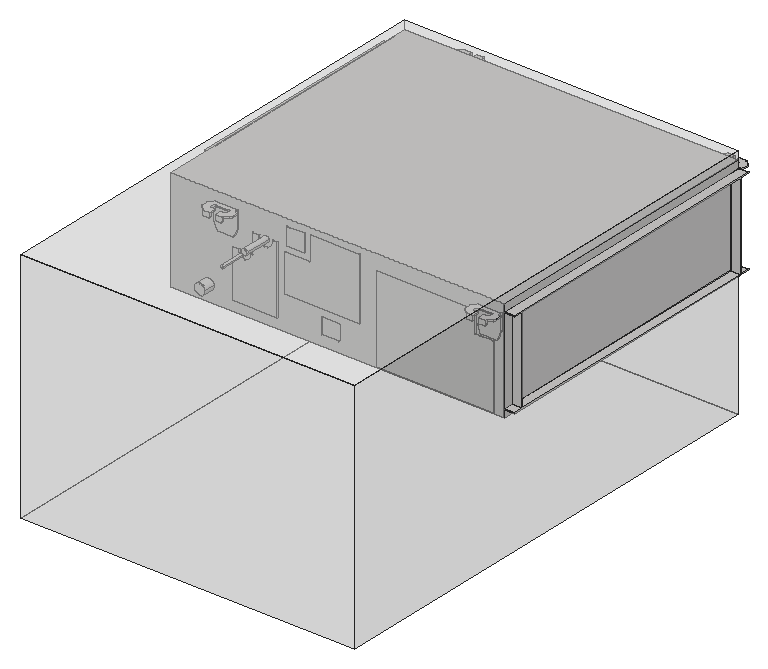
Revit family "outputfile", category 機械設備, Revit 2024
Family settings
  丸型コネクタ寸法 = 半径を使用
  パーツ タイプ = 標準
  OmniClass 番号 = 23.75.10.24.21.27.27
  OmniClass タイトル = Split System Air Conditioning Units
  作業面ベース = いいえ
  常に垂直 = はい
  ロード時にボイドで切り取り = いいえ
  注釈の向きを維持 = いいえ
  共有 = いいえ
  部屋計算ポイント = はい
Parameters (values of type "FBFC60DVM4")
  Description = ""
  製造元 = "Daikin"
  書き出し IFC クラス(タイプ) = "IfcUnitaryEquipmentType"
  定義済み IFC タイプ(タイプ) = "AIRCONDITIONINGUNIT"
  Cost = 0
  モデル = "FBFC60DVM4"
  Type Comments = ""
  Keynote = ""
  Type Image = (empty or 0)
  Assembly Code = ""
  switch_frequency = yes
  r_Liquid Pipe Size = Liquid Pipe Size / 2  # 3.2 mm
  r_Gas Pipe Size = Gas Pipe Size / 2  # 6.35 mm
  r_Drain Pipe Size = Drain Pipe Size / 2  # 12.5 mm
  lw_power = 770.0 mm  # constant formula
  lh_SA = 138.0 mm  # constant formula
  lw_SA = if(Depth = 550.0 mm, 225.0 mm, if(Depth = 700.0 mm, 300.0 mm, if(Depth = 1000.0 mm, 450.0 mm, if(Depth = 1400.0 mm, 650.0 mm, 725.0 mm))))  # 300.0 mm
  lw_RA = if(Depth = 550.0 mm, 275.0 mm, if(Depth = 700.0 mm, 349.0 mm, if(Depth = 1000.0 mm, 499.0 mm, if(Depth = 1400.0 mm, 699.0 mm, 775.0 mm))))  # 349.0 mm
  lh_power = 60.0 mm + [h***]  # 60.0 mm
  lh_mountinghole1 = lh_mountinghole + [h***]  # 222.0 mm
  lh_RA = 123.0 mm  # constant formula
  ld_power = Depth / 2  # 350.0 mm
  connector_voltage = Voltage_50Hz  # 230 V
  connector_powerinput = [Power Input (Cooling)]  # 0.000 kW
  connector_phase = Phase_50Hz  # 1
  Voltage_comment_50Hz = "220 - 240"
  Voltage_50Hz = 230 V
  URL = ""
  Supply Air Direction [instance] = yes
  Sound Power Level_H speed (dB) = 0
  Phase_50Hz = 1
  Minimum External Static Pressure = 30.00 Pa
  Minimum Circuit Amps_50Hz = 0.0 A
  Maximum Fuse Amps_50Hz = 0.0 A
  Maximum External Static Pressure = 130.00 Pa
  Material_Casing = DAIKIN_GalvanizedSteel_Casing_indoorunit
  lw_mountinghole = 630.0 mm  # constant formula
  lh_gaspipe = 183.0 mm + [h***]  # 183.0 mm
  lh_mountinghole = 222.0 mm  # constant formula
  lh_liquidpipe = 136.0 mm + [h***]  # 136.0 mm
  lh_drainpipe = 38.0 mm + [h***]  # 38.0 mm
  lh_antena = Height - lh_mountinghole + 1.0 mm  # 24.0 mm
  ld_drainpipe = Depth / 2 + 26.0 mm  # 376.0 mm
  ld_liquidpipe = Depth / 2 + 69.0 mm  # 419.0 mm
  ld_gaspipe = Depth / 2 + 65.0 mm  # 415.0 mm
  ld_mountinghole = Depth + 38.0 mm  # 738.0 mm
  h*** = 0.0 mm  # constant formula
  lw_liquidpipe = 179.0 mm  # constant formula
  lw_gaspipe = 229.0 mm  # constant formula
  lw_drainpipe = 91.0 mm  # constant formula
  Width = 800.0 mm
  Version = "ver.1.0"
  Unit Type = "M.S.P. Duct"
  Unit Mass Weight = 26.00 kg
  Unit Designation [instance] = ""
  Uniclass2015Version = "Products v1.30"
  Uniclass2015Title = "Split coil room air conditioning units"
  Uniclass2015Code = "Pr_70_65_03_86"
  Total Cooling Capacity [instance] = 0.000 kW
  Sound Pressure Level_M speed (dBA) = 35
  Sound Pressure Level_L speed (dBA) = 30
  Sound Pressure Level_H speed (dBA) = 37
  Series = "SkyAir_Fan Coil Unit"
  Sensible Cooling Capacity [instance] = 0.000 kW
  SA Duct Size Width = 492.0 mm
  SA Duct Size Height = 176.0 mm
  Refrigerant Type = "R32"
  RA Duct Size Width = 654.0 mm
  RA Duct Size Height = 208.0 mm
  Power Input (Cooling) = 0.000 kW
  Option Accessory 3 [instance] = ""
  Option Accessory 2 [instance] = ""
  Option Accessory 1 [instance] = ""
  Nominal Cooling Capacity = 6.000 kW
  Minimum Airflow = 540.00 m³/h
  Median Airflow = 720.00 m³/h
  Maximum Airflow = 930.00 m³/h
  Load Classification = HVAC
  Liquid Pipe Size = 6.4 mm
  Link_Nested Family [instance] = ""
  IfcVersion = ""
  IfcExportType = "AIRCONDITIONINGUNIT"
  IfcExportAs = "IfcUnitaryEquipmentType"
  Height = 245.0 mm
  Heat Exchanger Type = "Cross Fin Coil"
  Gas Pipe Size = 12.7 mm
  Frequency_50Hz = 50 Hz
  Fan Type = "Sirocco Fan"
  Fan Drive = "Direct Drive"
  FCU Tag No. [instance] = ""
  Drain Pipe Size = 25.0 mm
  Design Supply Airflow [instance] = 0.00 m³/h
  Design Return Airflow [instance] = 0.00 m³/h
  Design External Static Pressure [instance] = 0.00 Pa
  Depth = 700.0 mm
  既定の高さ = 0.0 mm
  Cooling Entering Wet Bulb Temperature [instance] = 0.00 °C
  Cooling Entering Dry Bulb Temperature [instance] = 0.00 °C
  Cooling Ambient Wet Bulb Temperature [instance] = 0.00 °C
  Cooling Ambient Dry Bulb Temperature [instance] = 0.00 °C
  Clearance visibility [instance] = yes
  Clearance Top = 20.0 mm
  Clearance Right = 0.0 mm
  Clearance Rear = 0.0 mm
  Clearance Left = 0.0 mm
  Clearance Front = 450.0 mm
  Clearance Bottom = 300.0 mm
Reference planes
  plane 1 "Center (Front/Back)": y = 0
  plane 2 "h": z = 0
  plane 3 "Center (Left/Right)": x = 0
  plane 4 "Back": y = 350
  plane 5 "Front": y = -350
  plane 6 "Left": x = -400
  plane 7 "Right": x = 400
  plane 8 "Top": z = 0
  plane 9 "Bottom": z = -245
  plane 10: y = -215
  plane 11: y = 350
  plane 12: y = -800
  plane 13: x = -400
  plane 14: x = 400
  plane 15: z = 20
  plane 16: z = -545
  plane 17: x = -400
  plane 18: x = -399
  plane 19: x = 399
  plane 20: y = 50
  plane 21: y = -1
  plane 22: z = -122
  plane 23: y = -351
  plane 24: z = -109
  plane 25: x = -221
  plane 26: y = -415
  plane 27: z = -62
  plane 28: x = -171
  plane 29: y = -376
  plane 30: z = -207
  plane 31: x = -309
  plane 32: x = -309
  plane 33: x = -221
  plane 34: x = -171
  plane 35: x = 370
  plane 36: x = -266
  plane 37: x = 364
  plane 38: y = -369
  plane 39: y = 369
  plane 40: z = -23
  plane 41: z = -107
  plane 42: y = -419
  plane 43: y = -376
  plane 44: x = -251
  plane 45: x = -203
  plane 46: x = -144
  plane 47: z = -59
  plane 48: z = -106
  plane 49: z = -221
  plane 50: z = -109
  plane 51: x = -221
  plane 52: z = -62
  plane 53: x = -171
  plane 54: z = -17
  plane 55: z = -59
  plane 56: x = -121
  plane 57: x = -79
  plane 58: x = -125
  plane 59: x = -64
  plane 60: x = 53
  plane 61: z = -164
  plane 62: z = -73
  plane 63: z = -16
  plane 64: x = 93.5
  plane 65: x = 374.5
  plane 66: x = 330
  plane 67: z = -88.5
  plane 68: z = -38
  plane 69: z = -242.5
  plane 70: x = -38.5
  plane 71: x = 6.5
  plane 72: z = -181
  plane 73: z = -221
  plane 74: y = -349
  plane 75: x = -424
  plane 76: x = 424
Forms (mm)
  Extrusion 1, solid, material "DAIKIN_GalvanizedSteel_Casing_indoorunit" <- "Material_Casing"
    sketch origin (0, 0, 0) x (1, 0, 0) y (0, 1, 0)
      loop
        line (-399, 350) -> (-399, -350) -> (399, -350) -> (399, 350) -> (-399, 350)
    from -245 to 0
  Extrusion 2, solid, material "DAIKIN_GalvanizedSteel_Casing_indoorunit" <- "Material_Casing"
    sketch origin (0, 0, 0) x (1, 0, 0) y (0, 0, 1)
      loop
        line (-251, -221) -> (-144, -221) -> (-144, -59) -> (-154.47, -59)
        arc (-154.47, -59) -> (-171, -78.8) -> (-187.53, -59) r 16.8
        line (-187.53, -59) -> (-203, -59) -> (-203, -106) -> (-206.916, -106)
        arc (-206.916, -106) -> (-221, -123.4) -> (-235.084, -106) r 14.4
        line (-235.084, -106) -> (-251, -106) -> (-251, -221)
    from 350 to 351
  Extrusion 3, solid, material "DAIKIN_GalvanizedSteel_Casing_indoorunit" <- "Material_Casing"
    sketch origin (0, 0, 0) x (1, 0, 0) y (0, 0, 1)
      loop
        line (-121, -17) -> (-121, -59) -> (-79, -59) -> (-79, -17) -> (-121, -17)
      loop
        line (-125, -73) -> (-125, -164) -> (53, -164) -> (53, -16) -> (-64, -16) -> (-64, -73) -> (-125, -73)
    from 350 to 351
  Extrusion 4, solid, material "DAIKIN_GalvanizedSteel_Casing_indoorunit" <- "Material_Casing"
    sketch origin (0, 0, 0) x (1, 0, 0) y (0, 0, 1)
      loop
        line (93.5, -38) -> (93.5, -242.5) -> (374.5, -242.5) -> (374.5, -88.5) -> (330, -88.5) -> (330, -38) -> (93.5, -38)
    from 350 to 351
  Extrusion 5, solid, material "DAIKIN_GalvanizedSteel_Casing_indoorunit" <- "Material_Casing"
    sketch origin (0, 0, 0) x (1, 0, 0) y (0, 0, 1)
      loop
        circle (-221, -109) r 3.2
    from 350 to 419
  Extrusion 6, solid, material "DAIKIN_GalvanizedSteel_Casing_indoorunit" <- "Material_Casing"
    sketch origin (0, 0, 0) x (1, 0, 0) y (0, 0, 1)
      loop
        circle (-171, -62) r 6.35
    from 350 to 415
  Extrusion 7, solid, material "DAIKIN_GalvanizedSteel_Casing_indoorunit" <- "Material_Casing"
    sketch origin (0, 0, 0) x (1, 0, 0) y (0, 0, 1)
      loop
        circle (-309, -207) r 12.5
    from 350 to 376
  Extrusion 8, void
    sketch origin (0, 0, 0) x (1, 0, 0) y (0, 0, 1)
      loop
        line (-38.5, -181) -> (-38.5, -221) -> (6.5, -221) -> (6.5, -181) -> (-38.5, -181)
    from 349 to 350
Cuts and joins
  Extrusion 8 cuts Extrusion 1
Dimensions and locks
  "Height": plane 8 "Top" to plane 9 "Bottom"
  equal spacing: plane 4 "Back", plane 1 "Center (Front/Back)", plane 5 "Front"
  "Depth": plane 4 "Back" to plane 5 "Front"
  equal spacing: plane 6 "Left", plane 3 "Center (Left/Right)", plane 7 "Right"
  "Width": plane 6 "Left" to plane 7 "Right"
  "Clearance Left": plane 13 to plane 6 "Left"
  "Clearance Right": plane 7 "Right" to plane 14
  "Clearance Rear": plane 11 to plane 4 "Back"
  "Clearance Front": plane 5 "Front" to plane 12
  "Clearance Top": plane 15 to plane 8 "Top"
  "Clearance Bottom": plane 9 "Bottom" to plane 16
  locked: plane 17 to plane 18 at 1
  locked: plane 19 to plane 14 at 1
  "lw_SA": plane 11 to plane 20
  "lw_RA": plane 21 to plane 5 "Front"
  "lh_RA": plane 22 to plane 9 "Bottom"
  locked: plane 5 "Front" to plane 23 at 1
  "lw_liquidpipe": plane 25 to plane 6 "Left"
  "lh_liquidpipe": plane 24 to plane 9 "Bottom"
  "lh_gaspipe": plane 27 to plane 9 "Bottom"
  "lw_gaspipe": plane 28 to plane 6 "Left"
  "ld_gaspipe": plane 26 to plane 1 "Center (Front/Back)"
  "ld_drainpipe": plane 29 to plane 1 "Center (Front/Back)"
  "lh_drainpipe": plane 30 to plane 9 "Bottom"
  "lw_drainpipe": plane 31 to plane 6 "Left"
  "lw_drainpipe": plane 6 "Left" to plane 32
  "lw_liquidpipe": plane 6 "Left" to plane 33
  "lw_gaspipe": plane 6 "Left" to plane 34
  "lw_power": plane 6 "Left" to plane 35
  locked: plane 17 to plane 36 at 134
  "lw_mountinghole": plane 36 to plane 37
  equal spacing: plane 38, plane 1 "Center (Front/Back)", plane 39
  "ld_mountinghole": plane 39 to plane 38
  "lh_mountinghole": plane 40 to plane 9 "Bottom"
  "lh_SA": plane 41 to plane 9 "Bottom"
  plane 46 to plane 45 to plane 44 to plane 6 "Left" = 59.0 mm, 48.0 mm, 149.0 mm
  plane 8 "Top" to plane 47 to plane 48 to plane 49 = 59.0 mm locked, 47.0 mm locked, 115.0 mm locked
  plane 53 to plane 51 to plane 6 "Left" = 50.0 mm locked, 179.0 mm locked
  plane 52 to plane 50 to plane 9 "Bottom" = 47.0 mm locked, 136.0 mm locked
  plane 57 to plane 56 to plane 6 "Left" = 42.0 mm locked, 279.0 mm locked
  plane 8 "Top" to plane 54 to plane 55 = 17.0 mm locked, 42.0 mm locked
  plane 60 to plane 59 to plane 58 to plane 6 "Left" = 117.0 mm, 61.0 mm, 275.0 mm
  plane 8 "Top" to plane 63 to plane 62 = 16.0 mm locked, 57.0 mm locked
  locked: plane 63 to plane 61 at 148
  plane 8 "Top" to plane 68 to plane 67 to plane 69 = 38.0 mm locked, 50.5 mm locked, 154.0 mm locked
  plane 65 to plane 66 to plane 64 to plane 6 "Left" = 44.5 mm locked, 236.5 mm locked, 493.5 mm locked
  plane 8 "Top" to plane 72 to plane 73 = 181.0 mm locked, 40.0 mm locked
  plane 71 to plane 70 to plane 6 "Left" = 45.0 mm, 361.5 mm
  locked: plane 74 to plane 5 "Front" at 1
  locked: plane 75 to plane 17 at 24
  locked: plane 14 to plane 76 at 24
  "ld_liquidpipe": plane 42 to plane 1 "Center (Front/Back)"
  "r_Liquid Pipe Size": radius of Extrusion 5 sketch curve
  "r_Gas Pipe Size": radius of Extrusion 6 sketch curve
  "r_Drain Pipe Size": radius of Extrusion 7 sketch curve
  aligned and locked: level to plane 2 "h"
  aligned and locked: plane 8 "Top" to Extrusion 1
  aligned and locked: Extrusion 1 to plane 9 "Bottom"
  aligned and locked: nested 5 to plane 12
  aligned and locked: plane 13 to nested 5
  aligned and locked: plane 14 to nested 5
  aligned and locked: nested 5 to plane 13
  aligned and locked: plane 11 to nested 5
  aligned and locked: plane 15 to nested 5
  aligned and locked: plane 16 to nested 5
  aligned and locked: plane 5 "Front" to Extrusion 1 sketch curve
  aligned and locked: Extrusion 1 to plane 18
  aligned and locked: plane 19 to Extrusion 1
  aligned and locked: nested 7 to plane 18
  aligned and locked: nested 7 to plane 20
  aligned and locked: plane 19 to nested 8
  aligned and locked: plane 21 to nested 8
  aligned and locked: plane 22 to nested 8
  aligned and locked: Extrusion 2 to plane 23
  aligned and locked: plane 5 "Front" to Extrusion 2
  aligned and locked: Extrusion 3 to plane 23
  aligned and locked: plane 5 "Front" to Extrusion 3
  aligned and locked: plane 5 "Front" to Extrusion 4
  aligned and locked: Extrusion 5 sketch curve to plane 25
  aligned and locked: plane 24 to Extrusion 5 sketch curve
  aligned and locked: plane 5 "Front" to Extrusion 5
  aligned and locked: Extrusion 6 sketch curve to plane 28
  aligned and locked: plane 27 to Extrusion 6 sketch curve
  aligned and locked: plane 5 "Front" to Extrusion 6
  aligned and locked: Extrusion 7 sketch curve to plane 31
  aligned and locked: plane 30 to Extrusion 7 sketch curve
  aligned and locked: Extrusion 7 to plane 29
  aligned and locked: nested 3 to plane 29
  aligned and locked: plane 32 to nested 3
  aligned and locked: nested 2 to plane 33
  aligned and locked: nested 1 to plane 34
  aligned and locked: Extrusion 6 to plane 26
  aligned and locked: nested 1 to plane 26
  aligned and locked: nested 6 to plane 5 "Front"
  aligned and locked: nested 6 to plane 35
  aligned and locked: plane 36 to nested 10
  aligned and locked: nested 10 to plane 5 "Front"
  aligned and locked: plane 37 to nested 9
  aligned and locked: nested 9 to plane 5 "Front"
  aligned and locked: nested 11 to plane 36
  aligned and locked: plane 4 "Back" to nested 11
  aligned and locked: nested 12 to plane 37
  aligned and locked: plane 4 "Back" to nested 12
  aligned and locked: plane 40 to nested 10
  aligned and locked: plane 40 to nested 11
  aligned and locked: plane 40 to nested 9
  aligned and locked: plane 40 to nested 12
  aligned and locked: plane 36 to nested 14
  aligned and locked: nested 14 to plane 39
  aligned and locked: plane 37 to nested 13
  aligned and locked: nested 13 to plane 39
  aligned and locked: plane 37 to nested 16
  aligned and locked: plane 38 to nested 16
  aligned and locked: plane 38 to nested 15
  aligned and locked: plane 36 to nested 15
  aligned and locked: plane 17 to plane 6 "Left"
  aligned and locked: plane 41 to nested 7
  aligned and locked: Extrusion 5 to plane 42
  aligned and locked: nested 2 to plane 42
  aligned and locked: Extrusion 3 sketch curve to plane 54
  aligned and locked: Extrusion 3 sketch curve to plane 56
  aligned and locked: plane 55 to Extrusion 3 sketch curve
  aligned and locked: plane 57 to Extrusion 3 sketch curve
  aligned and locked: Extrusion 4 to plane 23
  aligned and locked: Extrusion 8 sketch curve to plane 72
  aligned and locked: plane 73 to Extrusion 8 sketch curve
  aligned and locked: plane 71 to Extrusion 8 sketch curve
  aligned and locked: plane 5 "Front" to Extrusion 8
  aligned and locked: plane 74 to Extrusion 8
  aligned and locked: nested 17 to plane 20
  aligned and locked: nested 17 to plane 75
  aligned and locked: plane 21 to nested 18
  aligned and locked: plane 76 to nested 18
  aligned and locked: plane 41 to nested 17
  aligned and locked: nested 18 to plane 22
  aligned and locked: nested 4 to plane 3 "Center (Left/Right)"
  aligned and locked: plane 1 "Center (Front/Back)" to nested 4
  aligned and locked: level to plane 8 "Top"
  aligned and locked: plane 5 "Front" to Extrusion 7
Automatic sketch dimensions
  plane 6 "Left" to Extrusion 1 sketch curve = 1.0 mm
  Extrusion 1 sketch curve to plane 7 "Right" = 1.0 mm
  Extrusion 1 sketch curve to plane 4 "Back" = 0.0 mm
  Extrusion 2 sketch curve to plane 44 = 0.0 mm
  Extrusion 2 sketch curve to plane 33 = 0.0 mm
  Extrusion 2 sketch curve to plane 45 = 0.0 mm
  Extrusion 2 sketch curve to plane 34 = 0.0 mm
  Extrusion 2 sketch curve to plane 46 = 0.0 mm
  Extrusion 2 sketch curve to plane 49 = 0.0 mm
  Extrusion 2 sketch curve to plane 50 = 0.0 mm
  Extrusion 2 sketch curve to plane 48 = 0.0 mm  (x3)
  Extrusion 2 sketch curve to plane 52 = 0.0 mm
  Extrusion 2 sketch curve to plane 47 = 0.0 mm  (x3)
  plane 33 to Extrusion 2 sketch curve = 14.084 mm
  plane 34 to Extrusion 2 sketch curve = 16.53 mm
  Extrusion 3 sketch curve to plane 58 = 0.0 mm
  Extrusion 3 sketch curve to plane 59 = 0.0 mm
  Extrusion 3 sketch curve to plane 60 = 0.0 mm
  Extrusion 3 sketch curve to plane 61 = 0.0 mm
  Extrusion 3 sketch curve to plane 62 = 0.0 mm
  Extrusion 3 sketch curve to plane 63 = 0.0 mm
  Extrusion 4 sketch curve to plane 64 = 0.0 mm
  Extrusion 4 sketch curve to plane 66 = 0.0 mm
  Extrusion 4 sketch curve to plane 65 = 0.0 mm
  Extrusion 4 sketch curve to plane 69 = 0.0 mm
  Extrusion 4 sketch curve to plane 67 = 0.0 mm
  Extrusion 4 sketch curve to plane 68 = 0.0 mm
  Extrusion 8 sketch curve to plane 70 = 0.0 mm
Nested families
  nested 1: "daikin_connector_rotate2" at (-171, 0, -62), length <- "ld_gaspipe", built-in parameter 1001364 <- "lh_gaspipe", radius <- "r_Gas Pipe Size", type "daikin_connector_rotate2"
    with radius 6.35 mm, length 415.0 mm, angle_vertical 90.00°
  nested 2: "daikin_connector_rotate2" at (-221, 0, -109), length <- "ld_liquidpipe", built-in parameter 1001364 <- "lh_liquidpipe", radius <- "r_Liquid Pipe Size", type "daikin_connector_rotate2"
    with radius 3.2 mm, length 419.0 mm, angle_vertical 90.00°
  nested 3: "daikin_connector_rotate2" at (-309, 0, -207), length <- "ld_drainpipe", built-in parameter 1001364 <- "lh_drainpipe", radius <- "r_Drain Pipe Size", type "daikin_connector_rotate2"
    with radius 12.5 mm, length 376.0 mm, angle_vertical 90.00°
  nested 4: "daikin_△_symbolicline" at (0, 0, 245) x (0, -1, 0) z (0, 0, 1), built-in parameter 1001364 <- "Height", visible <- "Supply Air Direction", type "daikin_△_symbolicline"
    with length 200.0 mm
  nested 5: "daikin_clearancespace" at (0, -225, -262.381), visible <- "Clearance visibility", show <- "Clearance visibility", Link_Nested Family <- "Link_Nested Family", type "daikin_clearancespace"
    with width 800.0 mm, show yes, height 565.0 mm, depth 1150.0 mm, Link_Nested Family ""
  nested 6: "daikin_connector_rotate2" at (370, 0, -185), built-in parameter 1001364 <- "lh_power", length <- "ld_power", type "daikin_connector_rotate2"
    with radius 10.0 mm, length 350.0 mm, angle_vertical 90.00°
  nested 7: "daikin_ductflange_FBFC-DVM42" at (-399, 50, -107) x (0, -1, 0) z (0, 0, 1), type "daikin_ductflange_FBFC-DVM42"
    with width 492.0 mm, w 700.0 mm
  nested 8: "daikin_ductflange_FBFC-DVM4" at (399, -1, -122) x (0, 1, 0) z (0, 0, 1), type "daikin_ductflange_FBFC-DVM4"
  nested 9: "daikin_hangerfixture_FBFC-DVM4" at (364, -350, -23), type "daikin_hangerfixture_FBFC-DVM4"
  nested 10: "daikin_hangerfixture_FBFC-DVM4" at (-266, -350, -23), type "daikin_hangerfixture_FBFC-DVM4"
  nested 11: "daikin_hangerfixture_FBFC-DVM4" at (-266, 350, -23) x (-1, 0, 0) z (0, 0, 1), type "daikin_hangerfixture_FBFC-DVM4"
  nested 12: "daikin_hangerfixture_FBFC-DVM4" at (364, 350, -23) x (-1, 0, 0) z (0, 0, 1), type "daikin_hangerfixture_FBFC-DVM4"
  nested 13: "daikin_mountinghole" at (364, 369, -245), h_mountinghole <- "lh_mountinghole1", l_antenna <- "lh_antena", Link_Nested Family <- "Link_Nested Family", type "daikin_mountinghole"
    with show yes, l_antenna 24.0 mm, h_mountinghole 222.0 mm, Link_Nested Family ""
  nested 14: "daikin_mountinghole" at (-266, 369, -245), h_mountinghole <- "lh_mountinghole1", l_antenna <- "lh_antena", Link_Nested Family <- "Link_Nested Family", type "daikin_mountinghole"
    with show yes, l_antenna 24.0 mm, h_mountinghole 222.0 mm, Link_Nested Family ""
  nested 15: "daikin_mountinghole" at (-266, -369, -245), h_mountinghole <- "lh_mountinghole1", l_antenna <- "lh_antena", Link_Nested Family <- "Link_Nested Family", type "daikin_mountinghole"
    with show yes, l_antenna 24.0 mm, h_mountinghole 222.0 mm, Link_Nested Family ""
  nested 16: "daikin_mountinghole" at (364, -369, -245), h_mountinghole <- "lh_mountinghole1", l_antenna <- "lh_antena", Link_Nested Family <- "Link_Nested Family", type "daikin_mountinghole"
    with show yes, l_antenna 24.0 mm, h_mountinghole 222.0 mm, Link_Nested Family ""
  nested 17: "daikin_connector_rotate2" at (-400, 50, -107) x (0, -1, 0) z (0, 0, 1), type "daikin_connector_rotate2"
    with radius 10.0 mm, length 24.0 mm, angle_vertical 90.00°
  nested 18: "daikin_connector_rotate2" at (400, -1, -122) x (0, 1, 0) z (0, 0, 1), type "daikin_connector_rotate2"
    with radius 10.0 mm, length 24.0 mm, angle_vertical 90.00°
Connectors
  piping at (-309, -376, -207), diameter 25, driven by "r_Drain Pipe Size"
    settings: on nested 3, index 3, connector inside diameter 609.6 mm, connector length 0.0 mm, flow factor 0, pipe flow 0.00 m³/h, pressure drop 0.0 Pa, fitting loss kfactor 0, connector angle 0.00°, fixture units 0, engagement length 0.0 mm, angle of deflection 0.00°, flow configuration 1, flow direction 2, fitting loss method 4, system type 16, joint type 0, gender type 0, connector reference index -1, connector utility 0, adjustable connector no, is connector primary yes, connector description "Condensate Drain Piping"
  piping at (-171, -415, -62), diameter 12.7, driven by "r_Gas Pipe Size"
    settings: on nested 1, index 4, connector inside diameter 609.6 mm, connector length 0.0 mm, flow factor 0, pipe flow 0.00 m³/h, pressure drop 0.0 Pa, fitting loss kfactor 0, connector angle 0.00°, fixture units 0, engagement length 0.0 mm, angle of deflection 0.00°, flow configuration 1, flow direction 2, fitting loss method 0, system type 29, joint type 0, gender type 0, connector reference index -1, connector utility 0, adjustable connector no, is connector primary no, connector description "Refrigerant Gas Piping"
  piping at (-221, -419, -109), diameter 6.4, driven by "r_Liquid Pipe Size"
    settings: on nested 2, index 5, connector inside diameter 609.6 mm, connector length 0.0 mm, flow factor 0, pipe flow 0.00 m³/h, pressure drop 0.0 Pa, fitting loss kfactor 0, connector angle 0.00°, fixture units 0, engagement length 0.0 mm, angle of deflection 0.00°, flow configuration 1, flow direction 1, fitting loss method 0, system type 29, joint type 0, gender type 0, connector reference index -1, connector utility 0, adjustable connector no, is connector primary no, connector description "Refrigerant Liquid Piping"
  electrical at (370, -350, -185), driven by "Load Classification", driven by "connector_powerinput", driven by "connector_voltage", driven by "connector_phase"
    settings: on nested 6, index 6, voltage 230 V, apparent load 0 VA, apparent load phase1 0 VA, apparent load phase2 0 VA, apparent load phase3 0 VA, power factor 1, load classification "HVAC", number of poles 1, system type 30, power factor state 1, is connector primary yes, connector utility no, sub classification motor no, connector description "Power Supply"
  hvac at (-424, 50, -107), driven by "SA Duct Size Height", driven by "SA Duct Size Width"
    settings: on nested 17, index 7, duct flow 0.00 m³/h, flow factor 0, pres drop 0.00 Pa, loss coef 0, conn angle 0.00°, conn width 492.0 mm, conn height 176.0 mm, conn diameter 609.6 mm, duct sys type 1, conn prof type 1, flow config 0, flow direction 2, loss method 4, conn ref index -1, conn util no, is conn primary yes, conn desc "SA Duct"
  hvac at (424, -1, -122), driven by "RA Duct Size Height", driven by "RA Duct Size Width"
    settings: on nested 18, index 8, duct flow 0.00 m³/h, flow factor 0, pres drop 0.00 Pa, loss coef 0, conn angle 0.00°, conn width 654.0 mm, conn height 208.0 mm, conn diameter 609.6 mm, duct sys type 2, conn prof type 1, flow config 0, flow direction 1, loss method 4, conn ref index -1, conn util no, is conn primary no, conn desc "RA Duct"
Definition of nested family "daikin_clearancespace"
  Parameters (values of type "daikin_clearancespace")
    Description = "daikin_clearancespace"
    width [instance] = 1823.963 mm
    show [instance] = yes
    material = none
    height [instance] = 1359.762 mm
    depth [instance] = 880.0 mm
    Default Elevation = 0.0 mm
    Link_Nested Family [instance] = ""
  Reference planes
    plane 1 "Center (Front/Back)": y = 0
    plane 2 "Center (Elevation)": z = -0.119
    plane 3 "Center (Left/Right)": x = 0
    plane 4: y = 440
    plane 5: y = -440
    plane 6 "Right": x = 911.982
    plane 7 "Left": x = -911.982
    plane 8 "Top": z = 679.762
    plane 9 "Bottom": z = -680
  Forms (mm)
    Extrusion 1, solid, material <- "material", visible <- "show"
      sketch origin (0, 0, 0) x (1, 0, 0) y (0, 1, 0)
        loop
          line (-911.982, 440) -> (-911.982, -440) -> (911.982, -440) -> (911.982, 440) -> (-911.982, 440)
      from -680 to 679.762
  Lines and regions (mm)
    symbolic lines, visible <- "show"
      curve 1: line (911.982, 440, 0) -> (-911.982, 440, 0)
      curve 2: line (-911.982, 440, 0) -> (-911.982, -440, 0)
      curve 3: line (-911.982, -440, 0) -> (911.982, -440, 0)
      curve 4: line (911.982, -440, 0) -> (911.982, 440, 0)
      curve 5: line (911.982, 0, 679.762) -> (-911.982, 0, 679.762)
      curve 6: line (911.982, 0, -680) -> (911.982, 0, 679.762)
      curve 7: line (-911.982, 0, -680) -> (911.982, 0, -680)
      curve 8: line (-911.982, 0, 679.762) -> (-911.982, 0, -680)
      curve 9: line (0, 440, 679.762) -> (0, -440, 679.762)
      curve 10: line (0, -440, 679.762) -> (0, -440, -680)
      curve 11: line (0, 440, -680) -> (0, 440, 679.762)
      curve 12: line (0, -440, -680) -> (0, 440, -680)
  Dimensions and locks
    "width": plane 7 "Left" to plane 6 "Right"
    "depth": plane 4 to plane 5
    "height": plane 8 "Top" to plane 9 "Bottom"
    equal spacing: plane 7 "Left", plane 3 "Center (Left/Right)", plane 6 "Right"
    equal spacing: plane 4, plane 1 "Center (Front/Back)", plane 5
    equal spacing: plane 8 "Top", plane 2 "Center (Elevation)", plane 9 "Bottom"
    aligned and locked: level to plane 2 "Center (Elevation)"
    aligned and locked: Extrusion 1 sketch curve to plane 4
    aligned and locked: plane 7 "Left" to Extrusion 1 sketch curve
    aligned and locked: Extrusion 1 sketch curve to plane 5
    aligned and locked: Extrusion 1 sketch curve to plane 6 "Right"
    aligned and locked: plane 8 "Top" to Extrusion 1
    aligned and locked: curve 1 to Extrusion 1
    aligned and locked: curve 2 to Extrusion 1
    aligned and locked: curve 3 to Extrusion 1
    aligned and locked: curve 4 to Extrusion 1
    aligned and locked: curve 5 to Extrusion 1
    aligned and locked: curve 6 to Extrusion 1
    aligned and locked: curve 7 to Extrusion 1
    aligned and locked: curve 8 to Extrusion 1
    aligned and locked: curve 9 to Extrusion 1
    aligned and locked: curve 10 to Extrusion 1
    aligned and locked: curve 11 to Extrusion 1
    aligned and locked: curve 12 to Extrusion 1
    aligned and locked: Extrusion 1 to plane 9 "Bottom"
Definition of nested family "daikin_ductflange_FBFC-DVM42"
  Parameters (values of type "daikin_ductflange_FBFC-DVMG2")
    width = if(w = 550.0 mm, 337.0 mm, if(w = 700.0 mm, 492.0 mm, if(w = 1000.0 mm, 792.0 mm, if(w = 1400.0 mm, 1192.0 mm, 1337.0 mm))))  # 1192.0 mm
    material = none
    height = 215.0 mm
    depth = 1.0 mm
    w = 1400.0 mm
    Default Elevation = 0.0 mm
  Reference planes
    plane 1 "Center (Front/Back)": y = 0
    plane 2: z = 0
    plane 3 "Center (Left/Right)": x = 0
    plane 4: z = 88
    plane 5: z = -88
    plane 6: y = -25
    plane 7: z = 106
    plane 8: z = 89
    plane 9: y = -1
    plane 10: x = -617.5
    plane 11: x = 617.5
    plane 12: z = -106
    plane 13: z = -89
    plane 14: y = -1
    plane 15: x = 596
    plane 16: x = -596
    plane 17: x = 597
    plane 18: z = 87
    plane 19: z = -87
    plane 20: x = -597
    plane 21: z = 87
    plane 22: z = -87
    plane 23: y = -1
  Forms (mm)
    Extrusion 1, solid, material <- "material"
      sketch origin (0, 0, 0) x (0, 1, 0) y (0, 0, 1)
        loop
          line (-25, 88) -> (0, 88) -> (0, 106) -> (-1, 106) -> (-1, 89) -> (-25, 89) -> (-25, 88)
      from -617.5 to 617.5
    Extrusion 2, solid, material <- "material"
      sketch origin (0, 0, 0) x (0, 1, 0) y (0, 0, 1)
        loop
          line (-25, -88) -> (-25, -89) -> (-1, -89) -> (-1, -106) -> (0, -106) -> (0, -88) -> (-25, -88)
      from -617.5 to 617.5
    Extrusion 3, solid, material <- "material"
      sketch origin (0, 0, 0) x (1, 0, 0) y (0, 0, 1)
        loop
          line (596, 88) -> (596, -88) -> (617.5, -88) -> (617.5, -87) -> (597, -87) -> (597, 87) -> (617.5, 87) -> (617.5, 88) -> (596, 88)
      from 0 to 25
    Extrusion 4, solid, material <- "material"
      sketch origin (0, 0, 0) x (1, 0, 0) y (0, 0, 1)
        loop
          line (-617.5, 88) -> (-617.5, 87) -> (-597, 87) -> (-597, -87) -> (-617.5, -87) -> (-617.5, -88) -> (-596, -88) -> (-596, 88) -> (-617.5, 88)
      from 0 to 25
    Extrusion 5, solid, material <- "material"
      sketch origin (0, 0, 0) x (1, 0, 0) y (0, 0, 1)
        loop
          line (-617.5, 88) -> (-617.5, -88) -> (-596, -88) -> (-596, 88) -> (-617.5, 88)
        loop
          line (617.5, 88) -> (596, 88) -> (596, -88) -> (617.5, -88) -> (617.5, 88)
      from 0 to 1
  Cuts and joins
    joined: Extrusion 1, Extrusion 2, Extrusion 3, Extrusion 4, Extrusion 5
  Dimensions and locks
    plane 4 to level to plane 5 = 88.0 mm, 88.0 mm
    locked: plane 6 to plane 1 "Center (Front/Back)" at 25
    locked: plane 9 to plane 1 "Center (Front/Back)" at 1
    locked: plane 8 to plane 4 at 1
    locked: plane 16 to plane 10 at 21.5
    locked: plane 17 to plane 15 at 1
    locked: plane 4 to plane 18 at 1
    locked: plane 19 to plane 5 at 1
    "width": plane 15 to plane 16
    plane 4 to plane 5 = 176.0 mm
    locked: plane 16 to plane 20 at 1
    locked: plane 4 to plane 21 at 1
    locked: plane 22 to plane 5 at 1
    locked: plane 23 to plane 1 "Center (Front/Back)" at 1
    plane 4 to level to plane 5 = 88.0 mm locked, 88.0 mm locked
    locked: plane 5 to plane 13 at 1
    locked: plane 5 to plane 12 at 18
    locked: plane 7 to plane 4 at 18
    equal spacing: plane 15, plane 3 "Center (Left/Right)", plane 16
    locked: plane 11 to plane 15 at 21.5
    plane 11 to plane 10 = 1235.0 mm
    aligned and locked: level to plane 2
    aligned and locked: Extrusion 1 to plane 10
    aligned and locked: plane 11 to Extrusion 1
    aligned and locked: plane 5 to Extrusion 2
    aligned and locked: Extrusion 2 to plane 1 "Center (Front/Back)"
    aligned and locked: plane 15 to Extrusion 3 sketch curve
    aligned and locked: Extrusion 3 sketch curve to Extrusion 2  (x2)
    aligned and locked: Extrusion 3 sketch curve to plane 11
    aligned and locked: plane 6 to Extrusion 3
    aligned and locked: Extrusion 2 to plane 10
    aligned and locked: plane 11 to Extrusion 2
    aligned and locked: Extrusion 4 sketch curve to Extrusion 1  (x2)
    aligned and locked: plane 5 to Extrusion 4 sketch curve
    aligned and locked: Extrusion 4 sketch curve to plane 16
    aligned and locked: Extrusion 4 sketch curve to plane 22
    aligned and locked: plane 20 to Extrusion 4 sketch curve
    aligned and locked: plane 21 to Extrusion 4 sketch curve
    aligned and locked: Extrusion 4 to plane 1 "Center (Front/Back)"
    aligned and locked: plane 6 to Extrusion 4
    aligned and locked: Extrusion 5 sketch curve to Extrusion 1  (x4)
    aligned and locked: Extrusion 5 sketch curve to Extrusion 4  (x2)
    aligned and locked: Extrusion 5 sketch curve to Extrusion 3  (x2)
    aligned and locked: Extrusion 5 to plane 1 "Center (Front/Back)"
    aligned and locked: plane 23 to Extrusion 5
  Automatic sketch dimensions
    Extrusion 1 sketch curve to plane 6 = 0.0 mm
    Extrusion 1 sketch curve to plane 7 = 0.0 mm
    Extrusion 1 sketch curve to plane 9 = 0.0 mm
    Extrusion 1 sketch curve to plane 1 "Center (Front/Back)" = 0.0 mm
    Extrusion 1 sketch curve to plane 4 = 0.0 mm
    Extrusion 1 sketch curve to plane 8 = 0.0 mm
    Extrusion 2 sketch curve to plane 6 = 0.0 mm
    plane 12 to Extrusion 2 sketch curve = 0.0 mm
    Extrusion 2 sketch curve to plane 14 = 0.0 mm
    Extrusion 2 sketch curve to plane 1 "Center (Front/Back)" = 0.0 mm
    plane 13 to Extrusion 2 sketch curve = 0.0 mm
    Extrusion 2 sketch curve to plane 5 = 0.0 mm
    Extrusion 3 sketch curve to plane 17 = 0.0 mm
    Extrusion 3 sketch curve to plane 19 = 0.0 mm
    Extrusion 3 sketch curve to plane 18 = 0.0 mm
    Extrusion 3 sketch curve to plane 4 = 0.0 mm
    Extrusion 4 sketch curve to plane 10 = 0.0 mm
Definition of nested family "daikin_ductflange_FBFC-DVM4"
  Parameters (values of type "daikin_ductflange_FBFC-DVMG")
    width = if(w = 550.0 mm, 502.0 mm, if(w = 700.0 mm, 654.0 mm, if(w = 1000.0 mm, 952.0 mm, if(w = 1400.0 mm, 1352.0 mm, 1502.0 mm))))  # 654.0 mm
    material = none
    lw = if(width = 654.0 mm, 23.0 mm, 25.0 mm)  # 23.0 mm
    height = 208.0 mm
    depth = 1.0 mm
    w = 700.0 mm
    Default Elevation = 0.0 mm
  Reference planes
    plane 1 "Center (Front/Back)": y = 0
    plane 2: z = 0
    plane 3 "Center (Left/Right)": x = 0
    plane 4: z = 104
    plane 5: z = -104
    plane 6: y = -25
    plane 7: z = 121
    plane 8: z = 105
    plane 9: y = -1
    plane 10: x = -350
    plane 11: x = 350
    plane 12: z = -122
    plane 13: z = -105
    plane 14: y = -1
    plane 15: x = 327
    plane 16: x = -327
    plane 17: x = 328
    plane 18: z = 103
    plane 19: z = -103
    plane 20: x = -328
    plane 21: z = 103
    plane 22: z = -103
    plane 23: y = -1
  Forms (mm)
    Extrusion 1, solid, material <- "material"
      sketch origin (0, 0, 0) x (0, 1, 0) y (0, 0, 1)
        loop
          line (-25, 104) -> (0, 104) -> (0, 121) -> (-1, 121) -> (-1, 105) -> (-25, 105) -> (-25, 104)
      from -350 to 350
    Extrusion 2, solid, material <- "material"
      sketch origin (0, 0, 0) x (0, 1, 0) y (0, 0, 1)
        loop
          line (-25, -104) -> (-25, -105) -> (-1, -105) -> (-1, -122) -> (0, -122) -> (0, -104) -> (-25, -104)
      from -350 to 350
    Extrusion 3, solid, material <- "material"
      sketch origin (0, 0, 0) x (1, 0, 0) y (0, 0, 1)
        loop
          line (327, 104) -> (327, -104) -> (350, -104) -> (350, -103) -> (328, -103) -> (328, 103) -> (350, 103) -> (350, 104) -> (327, 104)
      from 0 to 25
    Extrusion 4, solid, material <- "material"
      sketch origin (0, 0, 0) x (1, 0, 0) y (0, 0, 1)
        loop
          line (-350, 104) -> (-350, 103) -> (-328, 103) -> (-328, -103) -> (-350, -103) -> (-350, -104) -> (-327, -104) -> (-327, 104) -> (-350, 104)
      from 0 to 25
    Extrusion 5, solid, material <- "material"
      sketch origin (0, 0, 0) x (1, 0, 0) y (0, 0, 1)
        loop
          line (-350, 104) -> (-350, -104) -> (-327, -104) -> (-327, 104) -> (-350, 104)
        loop
          line (350, 104) -> (327, 104) -> (327, -104) -> (350, -104) -> (350, 104)
      from 0 to 1
  Cuts and joins
    joined: Extrusion 1, Extrusion 2, Extrusion 3, Extrusion 4, Extrusion 5
  Dimensions and locks
    plane 4 to level to plane 5 = 104.0 mm, 104.0 mm
    locked: plane 6 to plane 1 "Center (Front/Back)" at 25
    locked: plane 9 to plane 1 "Center (Front/Back)" at 1
    locked: plane 8 to plane 4 at 1
    "lw": plane 11 to plane 15
    "lw": plane 16 to plane 10
    locked: plane 17 to plane 15 at 1
    locked: plane 4 to plane 18 at 1
    locked: plane 19 to plane 5 at 1
    "width": plane 15 to plane 16
    equal spacing: plane 15, plane 3 "Center (Left/Right)", plane 16
    locked: plane 16 to plane 20 at 1
    locked: plane 4 to plane 21 at 1
    locked: plane 22 to plane 5 at 1
    locked: plane 23 to plane 1 "Center (Front/Back)" at 1
    locked: plane 7 to plane 4 at 17
    locked: plane 1 "Center (Front/Back)" to plane 14 at 1
    locked: plane 5 to plane 13 at 1
    "height": plane 4 to plane 5
    plane 11 to plane 10 = 700.0 mm
    locked: plane 12 to plane 13 at 17
    equal spacing: plane 4, level, plane 5
    aligned and locked: level to plane 2
    aligned and locked: Extrusion 1 to plane 10
    aligned and locked: plane 11 to Extrusion 1
    aligned and locked: plane 5 to Extrusion 2
    aligned and locked: Extrusion 2 to plane 1 "Center (Front/Back)"
    aligned and locked: plane 15 to Extrusion 3 sketch curve
    aligned and locked: Extrusion 3 sketch curve to Extrusion 2  (x2)
    aligned and locked: Extrusion 3 sketch curve to plane 11
    aligned and locked: plane 6 to Extrusion 3
    aligned and locked: Extrusion 2 to plane 10
    aligned and locked: plane 11 to Extrusion 2
    aligned and locked: Extrusion 4 sketch curve to Extrusion 1  (x2)
    aligned and locked: plane 5 to Extrusion 4 sketch curve
    aligned and locked: Extrusion 4 sketch curve to plane 16
    aligned and locked: Extrusion 4 sketch curve to plane 22
    aligned and locked: plane 20 to Extrusion 4 sketch curve
    aligned and locked: plane 21 to Extrusion 4 sketch curve
    aligned and locked: Extrusion 4 to plane 1 "Center (Front/Back)"
    aligned and locked: plane 6 to Extrusion 4
    aligned and locked: Extrusion 5 sketch curve to Extrusion 1  (x4)
    aligned and locked: Extrusion 5 sketch curve to Extrusion 4  (x2)
    aligned and locked: Extrusion 5 sketch curve to Extrusion 3  (x2)
    aligned and locked: Extrusion 5 to plane 1 "Center (Front/Back)"
    aligned and locked: plane 23 to Extrusion 5
  Automatic sketch dimensions
    Extrusion 1 sketch curve to plane 6 = 0.0 mm
    Extrusion 1 sketch curve to plane 7 = 0.0 mm
    Extrusion 1 sketch curve to plane 9 = 0.0 mm
    Extrusion 1 sketch curve to plane 1 "Center (Front/Back)" = 0.0 mm
    Extrusion 1 sketch curve to plane 4 = 0.0 mm
    Extrusion 1 sketch curve to plane 8 = 0.0 mm
    Extrusion 2 sketch curve to plane 6 = 0.0 mm
    plane 12 to Extrusion 2 sketch curve = 0.0 mm
    Extrusion 2 sketch curve to plane 14 = 0.0 mm
    Extrusion 2 sketch curve to plane 1 "Center (Front/Back)" = 0.0 mm
    plane 13 to Extrusion 2 sketch curve = 0.0 mm
    Extrusion 2 sketch curve to plane 5 = 0.0 mm
    Extrusion 3 sketch curve to plane 17 = 0.0 mm
    Extrusion 3 sketch curve to plane 19 = 0.0 mm
    Extrusion 3 sketch curve to plane 18 = 0.0 mm
    Extrusion 3 sketch curve to plane 4 = 0.0 mm
    Extrusion 4 sketch curve to plane 10 = 0.0 mm
Definition of nested family "daikin_hangerfixture_FBFC-DVM4"
  Parameters (values of type "daikin_hangerfixture_FXMQ-PAVE")
    width = 72.0 mm
    material = none
    height = 60.0 mm
    depth = 41.0 mm
    Default Elevation = 0.0 mm
  Reference planes
    plane 1 "Center (Front/Back)": y = 0
    plane 2: z = 0
    plane 3 "Center (Left/Right)": x = 0
    plane 4: y = 417.146
    plane 5: y = -41
    plane 6: x = -36
    plane 7: x = 36
    plane 8: z = -2.3
    plane 9: z = -60
    plane 10: y = -2.3
    plane 11: z = -12
    plane 12: y = -38.7
  Forms (mm)
    Extrusion 1, solid, material <- "material"
      sketch origin (0, 0, 0) x (1, 0, 0) y (0, 1, 0)
        loop
          line (-28, 0) -> (-28, -5)
          arc (-28, -5) -> (-29.127, -8.162) -> (-32, -9.899) r 5
          arc (-32, -9.899) -> (-34.873, -11.636) -> (-36, -14.798) r 5
          line (-36, -14.798) -> (-36, -27.178)
          arc (-36, -27.178) -> (-35.429, -29.499) -> (-33.846, -31.289) r 5
          line (-33.846, -31.289) -> (-23, -38.798) -> (-23, -41.098) -> (-6.5, -41.098) -> (-6.5, -28.498)
          arc (-6.5, -28.498) -> (-7.379, -26.377) -> (-9.5, -25.498) r 3
          line (-9.5, -25.498) -> (-13.5, -25.498)
          arc (-13.5, -25.498) -> (-20, -18.998) -> (-13.5, -12.498) r 6.5
          line (-13.5, -12.498) -> (13.5, -12.498)
          arc (13.5, -12.498) -> (20, -18.998) -> (13.5, -25.498) r 6.5
          line (13.5, -25.498) -> (9.5, -25.498)
          arc (9.5, -25.498) -> (7.379, -26.377) -> (6.5, -28.498) r 3
          line (6.5, -28.498) -> (6.5, -41.098) -> (23, -41.098) -> (23, -38.798) -> (33.846, -31.289)
          arc (33.846, -31.289) -> (35.429, -29.499) -> (36, -27.178) r 5
          line (36, -27.178) -> (36, -14.596)
          arc (36, -14.596) -> (34.873, -11.434) -> (32, -9.697) r 5
          arc (32, -9.697) -> (29.127, -7.96) -> (28, -4.798) r 5
          line (28, -4.798) -> (28, 0) -> (-28, 0)
      from 0 to -2.3
    Extrusion 2, solid, material <- "material"
      sketch origin (0, 0, 0) x (1, 0, 0) y (0, 0, 1)
        loop
          line (28, -39.037) -> (28, 0) -> (-28, 0) -> (-28, -39.037)
          arc (-28, -39.037) -> (-27.91, -39.983) -> (-27.642, -40.894) r 5
          line (-27.642, -40.894) -> (-21.257, -56.857)
          arc (-21.257, -56.857) -> (-19.418, -59.14) -> (-16.615, -60) r 5
          line (-16.615, -60) -> (16.615, -60)
          arc (16.615, -60) -> (19.418, -59.14) -> (21.257, -56.857) r 5
          line (21.257, -56.857) -> (27.642, -40.894)
          arc (27.642, -40.894) -> (27.91, -39.983) -> (28, -39.037) r 5
      from 0 to 2.3
    Extrusion 3, solid, material <- "material"
      sketch origin (0, 0, 0) x (1, 0, 0) y (0, 0, 1)
        loop
          line (-23, 0) -> (-23, -9)
          arc (-23, -9) -> (-22.121, -11.121) -> (-20, -12) r 3
          line (-20, -12) -> (-9.5, -12)
          arc (-9.5, -12) -> (-7.379, -11.121) -> (-6.5, -9) r 3
          line (-6.5, -9) -> (-6.5, 0) -> (-23, 0)
        loop
          line (23, 0) -> (6.5, 0) -> (6.5, -9)
          arc (6.5, -9) -> (7.379, -11.121) -> (9.5, -12) r 3
          line (9.5, -12) -> (20, -12)
          arc (20, -12) -> (22.121, -11.121) -> (23, -9) r 3
          line (23, -9) -> (23, 0)
      from 38.8 to 41.098
  Cuts and joins
    joined: Extrusion 1, Extrusion 2, Extrusion 3
  Dimensions and locks
    plane 2 to plane 8 = 2.3 mm
    "height": plane 2 to plane 9
    locked: plane 10 to plane 1 "Center (Front/Back)" at 2.3
    locked: plane 2 to plane 11 at 12
    locked: plane 12 to plane 5 at 2.3
    aligned and locked: level to plane 2
    aligned and locked: Extrusion 1 to plane 8
    aligned and locked: plane 2 to Extrusion 1
    aligned and locked: plane 2 to Extrusion 2 sketch curve
    aligned and locked: Extrusion 2 to plane 10
    aligned and locked: Extrusion 2 to plane 1 "Center (Front/Back)"
    aligned and locked: Extrusion 3 sketch curve to cut or joined group of Extrusion 1, Extrusion 2, Extrusion 3  (x3)
    aligned and locked: cut or joined group of Extrusion 1, Extrusion 2, Extrusion 3 to Extrusion 3
  Automatic sketch dimensions
    Extrusion 2 sketch curve to plane 7 = 8.0 mm
    Extrusion 2 sketch curve to plane 8 = 36.737 mm
    plane 6 to Extrusion 2 sketch curve = 19.385 mm
    Extrusion 1 sketch curve to plane 6 = 0.0 mm
    plane 1 "Center (Front/Back)" to Extrusion 1 sketch curve = 0.0 mm
    Extrusion 1 sketch curve to plane 7 = 0.0 mm
    plane 6 to Extrusion 1 sketch curve = 2.154 mm
    plane 6 to Extrusion 1 sketch curve = 3.0 mm
    Extrusion 1 sketch curve to Extrusion 1 sketch curve = 5.0 mm  (x3)
    Extrusion 1 sketch curve to plane 12 = 0.098 mm  (x2)
    Extrusion 1 sketch curve to Extrusion 1 sketch curve = 4.0 mm  (x2)
    Extrusion 1 sketch curve to plane 5 = 0.098 mm  (x2)
    Extrusion 1 sketch curve to plane 3 "Center (Left/Right)" = 6.5 mm
    plane 3 "Center (Left/Right)" to Extrusion 1 sketch curve = 6.5 mm
    Extrusion 1 sketch curve to Extrusion 1 sketch curve = 3.0 mm
    Extrusion 1 sketch curve to plane 7 = 8.0 mm
    Extrusion 1 sketch curve to plane 7 = 5.0 mm
    Extrusion 1 sketch curve to plane 7 = 3.0 mm
    Extrusion 1 sketch curve to plane 7 = 2.154 mm
    plane 12 to Extrusion 1 sketch curve = 7.411 mm  (x2)
    plane 12 to Extrusion 1 sketch curve = 10.202 mm  (x2)
    Extrusion 1 sketch curve to Extrusion 1 sketch curve = 6.5 mm  (x2)
    Extrusion 1 sketch curve to Extrusion 1 sketch curve = 12.38 mm
    Extrusion 1 sketch curve to plane 10 = 12.296 mm
    Extrusion 1 sketch curve to plane 10 = 2.7 mm
    Extrusion 1 sketch curve to plane 10 = 2.498 mm
    plane 6 to Extrusion 1 sketch curve = 4.0 mm
    Extrusion 1 sketch curve to Extrusion 1 sketch curve = 0.0 mm  (x2)
    Extrusion 1 sketch curve to plane 7 = 4.0 mm
    Extrusion 1 sketch curve to Extrusion 1 sketch curve = 4.111 mm
    Extrusion 3 sketch curve to level = 0.0 mm  (x2)
    Extrusion 3 sketch curve to plane 11 = 0.0 mm  (x2)
    plane 11 to Extrusion 3 sketch curve = 3.0 mm  (x2)
    plane 3 "Center (Left/Right)" to Extrusion 3 sketch curve = 6.5 mm
    Extrusion 3 sketch curve to Extrusion 3 sketch curve = 3.0 mm  (x2)
    Extrusion 2 sketch curve to plane 9 = 0.0 mm
    Extrusion 2 sketch curve to Extrusion 2 sketch curve = 11.385 mm
    plane 6 to Extrusion 2 sketch curve = 8.0 mm
    plane 9 to Extrusion 2 sketch curve = 20.963 mm
    Extrusion 2 sketch curve to Extrusion 2 sketch curve = 5.0 mm  (x2)
    plane 9 to Extrusion 2 sketch curve = 3.143 mm  (x3)
    Extrusion 2 sketch curve to Extrusion 2 sketch curve = 4.642 mm  (x2)
    Extrusion 2 sketch curve to Extrusion 2 sketch curve = 0.0 mm  (x2)
    Extrusion 2 sketch curve to Extrusion 2 sketch curve = 0.358 mm
    Extrusion 2 sketch curve to Extrusion 2 sketch curve = 1.857 mm  (x2)
Definition of nested family "daikin_connector_rotate2"
  Parameters (values of type "daikin_connector_rotate2")
    Default Elevation = 1219.2 mm
    show_face = no
    radius [instance] = 10.0 mm
    length [instance] = 600.0 mm
    d_surface = 10.0 mm
    angle_vertical [instance] = 90.00°
  Reference planes
    plane 1 "Center (Front/Back)": y = 0
    plane 2: z = 0
    plane 3 "Center (Left/Right)": x = 0
  Forms (mm)
    Extrusion 1, solid, visible <- "show_face"
      sketch origin (0, -600, 0) x (1, 0, 0) y (0, 0, 1)
        loop
          circle (0, 0) r 10
      from 0 to -10
  Lines and regions (mm)
    reference lines
      curve 1: line (0, 0, 0) -> (0, -600, 0)
    symbolic lines
      curve 2: circle (0, 0, 0) r 5 normal (0, 0, 1)
    model lines, visible <- "show_face"
      curve 3: line (0, 0, 0) -> (0, -600, 0)
  Dimensions and locks
    "length": curve 1 to curve 1
    "length": curve 3 to curve 3
    "d_surface": Extrusion 1 to Extrusion 1
    "radius": radius of Extrusion 1 sketch curve
    "angle_vertical": angle curve 1 to plane 1 "Center (Front/Back)"
    "angle_vertical": angle curve 3 to plane 1 "Center (Front/Back)"
    aligned and locked: level to plane 2
    aligned and locked: plane 1 "Center (Front/Back)" to curve 1
    aligned and locked: plane 2 to curve 1
    aligned and locked: plane 1 "Center (Front/Back)" to curve 2
    aligned and locked: plane 3 "Center (Left/Right)" to curve 2
    aligned and locked: plane 1 "Center (Front/Back)" to curve 3
    aligned and locked: plane 2 to curve 3
    aligned and locked: Extrusion 1 to Extrusion 1
  Automatic sketch dimensions
    Extrusion 1 sketch curve to level = 0.0 mm
    Extrusion 1 sketch curve to plane 3 "Center (Left/Right)" = 0.0 mm
    radius of curve 2 = 5.0 mm
Definition of nested family "daikin_△_symbolicline"
  Parameters (values of type "daikin_△_symbolicline")
    length [instance] = 200.0 mm
    Default Elevation = 0.0 mm
  Reference planes
    plane 1 "Center (Front/Back)": y = 0
    plane 2: z = 0
    plane 3 "Center (Left/Right)": x = 0
  Lines and regions (mm)
    symbolic lines
      curve 1: line (0, -173.205, 0) -> (100, 0, 0)
      curve 2: line (100, 0, 0) -> (-100, 0, 0)
      curve 3: line (-100, 0, 0) -> (0, -173.205, 0)
  Dimensions and locks
    equal spacing: curve 3, plane 3 "Center (Left/Right)", curve 2
    "length": curve 3 to curve 2
    "length": curve 3 to curve 3
    "length": curve 1 to curve 1
    aligned and locked: level to plane 2
    aligned and locked: curve 2 to plane 1 "Center (Front/Back)"
    aligned and locked: plane 3 "Center (Left/Right)" to curve 3
Definition of nested family "daikin_mountinghole"
  Parameters (values of type "daikin_mountinghole")
    Default Elevation = 1219.2 mm
    Type Comments = "mountinghole"
    show [instance] = yes
    material = none
    l_centerline = 100.0 mm
    l_antenna [instance] = 100.0 mm
    h_mountinghole [instance] = 0.0 mm
    d_circle = 30.0 mm
    Link_Nested Family [instance] = ""
  Reference planes
    plane 1 "Center (Front/Back)": y = 0
    plane 2: z = 0
    plane 3 "Center (Left/Right)": x = 0
    plane 4: y = 50
    plane 5: x = -50
    plane 6: x = 50
    plane 7: y = -50
    plane 8 "h_mountinghole": z = 0
    plane 9: z = 100
  Lines and regions (mm)
    model lines, detail levels fine
      curve 1: circle (0, 0, 0) r 15 normal (0, 0, 1)
      curve 2: line (-50, 0, 0) -> (50, 0, 0)
      curve 3: line (0, 50, 0) -> (0, -50, 0)
    symbolic lines, detail levels fine
      curve 4: circle (0, 0, 0) r 15 normal (0, 0, 1)
      curve 5: line (-50, 0, 0) -> (50, 0, 0)
      curve 6: line (0, 50, 0) -> (0, -50, 0)
    model lines
      curve 7: line (0, 0, 100) -> (0, 0, 0)
  Dimensions and locks
    equal spacing: plane 4, plane 1 "Center (Front/Back)", plane 7
    "l_centerline": plane 4 to plane 7
    equal spacing: plane 5, plane 3 "Center (Left/Right)", plane 6
    "l_centerline": plane 5 to plane 6
    "l_antenna": plane 9 to plane 8 "h_mountinghole"
    "h_mountinghole": plane 8 "h_mountinghole" to plane 2
    "d_circle": diameter of curve 1
    "d_circle": diameter of curve 4
    aligned and locked: level to plane 2
    aligned and locked: plane 1 "Center (Front/Back)" to curve 1
    aligned and locked: plane 3 "Center (Left/Right)" to curve 1
    aligned and locked: plane 1 "Center (Front/Back)" to curve 2
    aligned and locked: curve 3 to plane 3 "Center (Left/Right)"
    aligned and locked: plane 6 to curve 2
    aligned and locked: plane 5 to curve 2
    aligned and locked: plane 4 to curve 3
    aligned and locked: plane 7 to curve 3
    aligned and locked: plane 1 "Center (Front/Back)" to curve 4
    aligned and locked: plane 3 "Center (Left/Right)" to curve 4
    aligned and locked: plane 6 to curve 5
    aligned and locked: plane 5 to curve 5
    aligned and locked: plane 1 "Center (Front/Back)" to curve 5
    aligned and locked: plane 4 to curve 6
    aligned and locked: plane 7 to curve 6
    aligned and locked: curve 6 to plane 3 "Center (Left/Right)"
    aligned and locked: curve 7 to plane 3 "Center (Left/Right)"
    aligned and locked: plane 9 to curve 7
    aligned and locked: plane 8 "h_mountinghole" to curve 7
